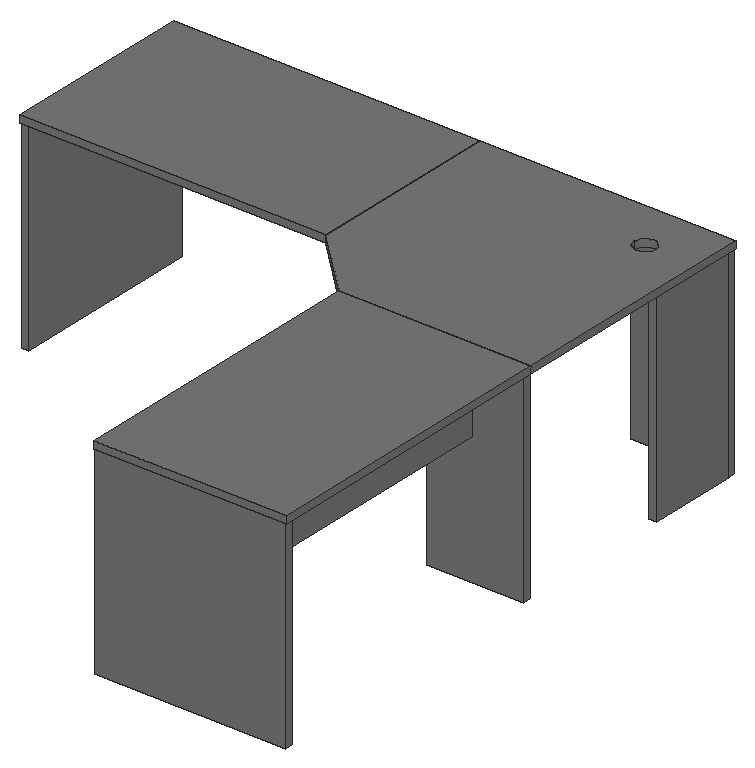
Revit family
Parameters
  Eurway Desk Material = Furniture Black Laminate Desk
Reference planes (in)
  plane 1: z = 0
  plane 2 "Top Of Desk": z = 29
  plane 3 "Bottom Of Desk": z = 28
  plane 4: y = 21.34538
  plane 5: x = 71.18981
  plane 6: x = -6.81019
  plane 7: y = -5.40462
  plane 8: x = 44.43981
  plane 9: y = -56.65462
  plane 10: x = 35.68981
  plane 11: y = -14.15462
  plane 12: y = -5.27962
  plane 13: y = 21.22038
  plane 14: x = -6.68519
  plane 15: x = 71.06481
  plane 16: y = -56.52962
  plane 17: y = 7.72038
  plane 18: y = 14.34538
  plane 19: x = 64.18981
Forms (in)
  Extrusion 1, solid, material "Furniture Black Laminate Desk" <- "Eurway Desk Material"
    sketch origin (0, 0, 29) x (-1, 0, 0) y (0, -1, 0)
      loop
        line (6.81019, -21.34538) -> (6.81019, 5.40462) -> (-35.68981, 5.40462) -> (-35.68981, -21.34538) -> (6.81019, -21.34538)
    from 0 to -1
  Extrusion 2, solid, material "Furniture Black Laminate Desk" <- "Eurway Desk Material"
    sketch origin (0, 0, 29) x (-1, 0, 0) y (0, -1, 0)
      loop
        line (-44.43981, 14.15462) -> (-44.43981, 56.65462) -> (-71.18981, 56.65462) -> (-71.18981, 14.15462) -> (-44.43981, 14.15462)
    from 0 to -1
  Extrusion 3, solid, material "Furniture Black Laminate Desk" <- "Eurway Desk Material"
    sketch origin (0, 0, 29) x (-1, 0, 0) y (0, -1, 0)
      loop
        line (-35.68981, -21.34538) -> (-35.68981, 5.40462) -> (-44.43981, 14.15462) -> (-71.18981, 14.15462) -> (-71.18981, -21.34538) -> (-35.68981, -21.34538)
    from 0 to -1
  Extrusion 4, solid, material "Furniture Black Laminate Desk" <- "Eurway Desk Material"
    sketch origin (0, 0, 0) x (1, 0, 0) y (0, 1, 0)
      loop
        line (-6.68519, 21.22038) -> (-6.68519, -5.27962) -> (-5.68519, -5.27962) -> (-5.68519, 21.22038) -> (-6.68519, 21.22038)
    from 28 to 0
  Extrusion 5, solid, material "Furniture Black Laminate Desk" <- "Eurway Desk Material"
    sketch origin (0, 0, 0) x (1, 0, 0) y (0, 1, 0)
      loop
        line (71.06481, -56.52962) -> (71.06481, -55.52962) -> (44.56481, -55.52962) -> (44.56481, -56.52962) -> (71.06481, -56.52962)
    from 0 to 28
  Extrusion 6, solid, material "Furniture Black Laminate Desk" <- "Eurway Desk Material"
    sketch origin (0, 0, 0) x (1, 0, 0) y (0, 1, 0)
      loop
        line (34.56481, 21.22038) -> (34.56481, 7.72038) -> (35.56481, 7.72038) -> (35.56481, 21.22038) -> (34.56481, 21.22038)
    from 28 to 0
  Extrusion 7, solid, material "Furniture Black Laminate Desk" <- "Eurway Desk Material"
    sketch origin (49.84442, -49.84442, 0) x (0, 1, 0) y (-1, 0, 0)
      loop
        line (34.56481, -21.22038) -> (35.56481, -21.22038) -> (35.56481, -7.72038) -> (34.56481, -7.72038) -> (34.56481, -21.22038)
    from 28 to 0
  Extrusion 8, solid, material "Furniture Black Laminate Desk" <- "Eurway Desk Material"
    sketch origin (0, 0, 0) x (1, 0, 0) y (0, 1, 0)
      loop
        line (71.06481, 21.22038) -> (57.56481, 21.22038) -> (57.56481, 20.22038) -> (71.06481, 20.22038) -> (71.06481, 21.22038)
    from 28 to 0
  Extrusion 9, solid, material "Furniture Black Laminate Desk" <- "Eurway Desk Material"
    sketch origin (0, 0, 0) x (1, 0, 0) y (0, 1, 0)
      loop
        line (71.06481, 20.22038) -> (70.06481, 20.22038) -> (70.06481, 7.72038) -> (71.06481, 7.72038) -> (71.06481, 20.22038)
    from 28 to 0
  Extrusion 10, solid, material "Furniture Black Laminate Desk" <- "Eurway Desk Material"
    sketch origin (0, 0, 28) x (-1, 0, 0) y (0, -1, 0)
      loop
        line (5.68519, -13.97038) -> (5.68519, -12.97038) -> (-34.56481, -12.97038) -> (-34.56481, -13.97038) -> (5.68519, -13.97038)
    from 0 to -9.875
  Extrusion 11, solid, material "Furniture Black Laminate Desk" <- "Eurway Desk Material"
    sketch origin (49.84442, -49.84442, 28) x (0, -1, 0) y (1, 0, 0)
      loop
        line (5.68519, 13.97038) -> (-34.56481, 13.97038) -> (-34.56481, 12.97038) -> (5.68519, 12.97038) -> (5.68519, 13.97038)
    from 0 to -9.875
  Extrusion 12, void
    sketch origin (0, 0, 28) x (-1, 0, 0) y (0, -1, 0)
      loop
        circle (-64.18981, -14.34538) r 1.5
    from 0 to 1
Cuts and joins
  Extrusion 12 cuts Extrusion 3
Lines and regions (in)
  symbolic lines
    curve 1: line (-6.81019, -5.40462, 0) -> (35.68981, -5.40462, 0)
    curve 2: line (-6.81019, 21.34538, 0) -> (-6.81019, -5.40462, 0)
    curve 3: line (71.18981, 21.34538, 0) -> (-6.81019, 21.34538, 0)
    curve 4: line (71.18981, -56.65462, 0) -> (71.18981, 21.34538, 0)
    curve 5: line (44.43981, -56.65462, 0) -> (71.18981, -56.65462, 0)
    curve 6: line (44.43981, -14.15462, 0) -> (44.43981, -56.65462, 0)
    curve 7: line (35.68981, -5.40462, 0) -> (44.43981, -14.15462, 0)
    curve 8: line (35.68981, 21.34538, 0) -> (35.68981, -5.40462, 0)
    curve 9: line (44.43981, -14.15462, 0) -> (71.18981, -14.15462, 0)
    curve 10: arc (62.68981, 14.34538, 0) -> (64.18981, 12.84538, 0) -> (65.68981, 14.34538, 0) r 1.5
    curve 11: arc (65.68981, 14.34538, 0) -> (64.18981, 15.84538, 0) -> (62.68981, 14.34538, 0) r 1.5
